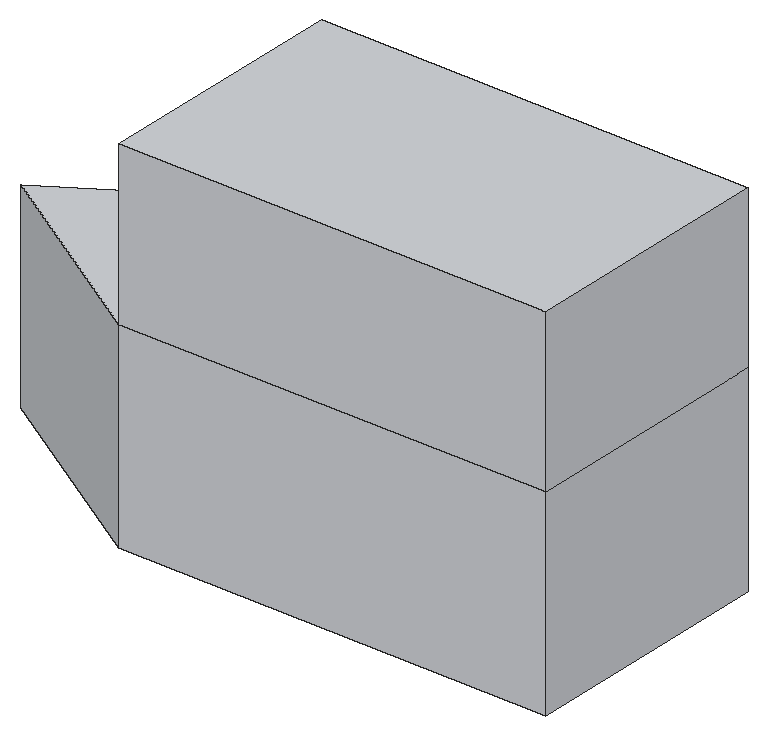
Revit family "单边船型桥墩", category 常规模型, Revit 2022
Family settings
  可将钢筋附着到主体 = 否
  圆形连接件大小 = 使用直径
  零件类型 = 标准
  基于工作平面 = 否
  总是垂直 = 是
  加载时剪切的空心 = 否
  保持注释方向 = 否
  共享 = 否
  房间计算点 = 否
Parameters
  默认高程 = 0 mm
  船篷高度 = 2713.558 mm
  船型高度 = 1500 mm
  桥墩主体长 = 3200 mm
  桥墩主体宽 = 1900 mm
  外延长度 = 1500 mm
  alpha = atan(外延长度 / 桥墩主体宽 * 2)  # 57.6526°
Reference planes
  plane 1 "中心(前/后)": y = 0
  plane 2: z = 0
  plane 3 "中心(左/右)": x = 0
Forms (mm)
  Extrusion 1, solid
    sketch origin (0, 0, 0) x (1, 0, 0) y (0, 1, 0)
      loop
        line (2332.957, 3052.223) -> (832.957, 2102.223) -> (2332.957, 1152.223) -> (5532.957, 1152.223) -> (5532.957, 3052.223) -> (2332.957, 3052.223)
    from 0 to 1500 <- "船型高度"
  Extrusion 2, solid
    sketch origin (0, 0, 0) x (1, 0, 0) y (0, 1, 0)
      loop
        line (2332.957, 3052.223) -> (2332.957, 1152.223) -> (5532.957, 1152.223) -> (5532.957, 3052.223) -> (2332.957, 3052.223)
    from 1500 <- "船型高度" to 2713.558 <- "船篷高度"
Lines and regions (mm)
  reference lines
    curve 1: line (2332.957, 3052.223, 0) -> (5532.957, 3052.223, 0)
    curve 2: line (2332.957, 1152.223, 0) -> (2332.957, 3052.223, 0)
    curve 3: line (5532.957, 1152.223, 0) -> (2332.957, 1152.223, 0)
    curve 4: line (5532.957, 3052.223, 0) -> (5532.957, 1152.223, 0)
    curve 5: line (2332.957, 3052.223, 0) -> (832.957, 2102.223, 0)
    curve 6: line (832.957, 2102.223, 0) -> (2332.957, 1152.223, 0)
    curve 7: line (5532.957, 1152.223, 0) -> (7032.957, 2102.223, 0)
    curve 8: line (7032.957, 2102.223, 0) -> (5532.957, 3052.223, 0)
Dimensions and locks
  "桥墩主体长": curve 2 to curve 4
  "桥墩主体宽": curve 3 to curve 1
  "alpha": angle curve 5 to curve 2
  "alpha": angle curve 2 to curve 6
  "alpha": angle curve 4 to curve 8
  "alpha": angle curve 7 to curve 4
  aligned and locked: level to plane 2
  aligned and locked: Extrusion 1 sketch curve to curve 1
  aligned and locked: Extrusion 1 sketch curve to curve 3
  aligned and locked: Extrusion 1 sketch curve to curve 5
  aligned and locked: Extrusion 1 sketch curve to curve 6
  aligned and locked: Extrusion 2 sketch curve to curve 1
  aligned and locked: Extrusion 2 sketch curve to curve 2
  aligned and locked: Extrusion 2 sketch curve to curve 3
  aligned and locked: Extrusion 2 sketch curve to curve 4
  aligned and locked: Extrusion 1 sketch curve to curve 4
Automatic sketch dimensions
  plane 3 "中心(左/右)" to curve 6 = 832.957 mm
  curve 6 to plane 1 "中心(前/后)" = 1152.223 mm
